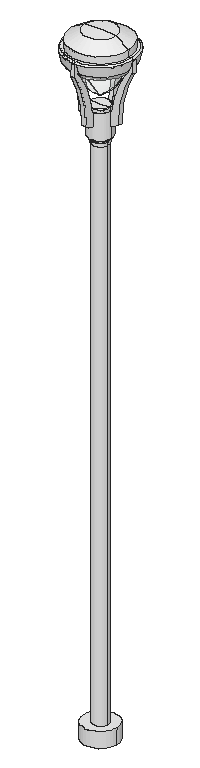
Revit family "SRS1", category Lighting Fixtures, host Face, Revit 2013
Parameters (values of type "Solitaire SRS1")
  Wattage Comments = ""
  Wattage = 9.2903 W
  built-in parameter 1150110 = 1 (stored number, unit not read)
  Voltage = 120 V
  URL = "www.kimlighting.com/"
  Type Comments = "Lighting Fixture"  # constant formula
  built-in parameter 1114217 = 1 (stored number, unit not read)
  Tilt Angle = 90.00°
  built-in parameter 1150109 = 1 (stored number, unit not read)
  built-in parameter 1150134 = 3
  built-in parameter 1150113 = 1 (stored number, unit not read)
  Series = "Solitaire"  # constant formula
  Revision Date = "11/02/2017"  # constant formula
  Product Page URL = "http://www.kimlighting.com/products/solitaire"
  Product Documentation Link = "http://www.kimlighting.com/content/products/specs/specs_files/kl_srseled_spec.pdf"
  Power Factor = 1
  Pole Visible = yes
  Pole Material = Metal-Kim Lighting-Aluminum Alloy
  Photometric Web Link = "http://www.kimlighting.com/products/solitaire"
  Photometric Web File = "srs1-2e35-60l3k.ies"
  Photometric Notes = "More IES files download on Photometric Web Link"  # constant formula
  OmniClass Title = "Street and Roadway Lighting"  # constant formula
  OmniClass Number = "23-80 70 14 21"  # constant formula
  Number of Poles = 1
  Note Visible = yes
  Note Text = "LF"  # constant formula
  Model = "SRS1"  # constant formula
  MasterFormat Title = "Parking Lighting, Roadway Lighting, Site Lighting"  # constant formula
  Manufacturer Phone = "626-968-5666"  # constant formula
  Manufacturer Fax = "626-369-2695"  # constant formula
  Manufacturer = "KIM Lighting"  # constant formula
  built-in parameter 1150105 = 109.82 (stored number, unit not read)
  Lumens = 1380 lm
  built-in parameter 1150115 = 1 (stored number, unit not read)
  Load Classification = Lighting
  built-in parameter 1150137 = (empty or 0)
  built-in parameter 1150139 = (empty or 0)
  built-in parameter 1150112 = 1 (stored number, unit not read)
  built-in parameter 1150114 = 1 (stored number, unit not read)
  Lamp = "LED"  # constant formula
  built-in parameter 1150132 = (empty or 0)
  built-in parameter 1150102 = (empty or 0)
  built-in parameter 1150107 = 3200 (stored number, unit not read)
  built-in parameter 1150138 = (empty or 0)
  built-in parameter 1150106 = 1.0982 (stored number, unit not read)
  Housing material = Metal-Kim Lighting-Aluminum Alloy
  Glass Material = Glass-Kim Lighting-Clear
  Full Load Current = 0 A
  Finish = "All colors shall be a Super TGIC thermoset polyester powder coat paint, 2.5 mil nominal\r\nthickness"
  Emit from Circle Diameter = 1' - 0"
  Emit Shape Visible in Rendering = no
  built-in parameter 1150104 = 13.8 (stored number, unit not read)
  Dimming Lamp Color Temperature Shift = <None>
  Description = "Site/Roadway Luminare"  # constant formula
  Default Elevation = 12' - 0"
  Color Filter = 16777215
  built-in parameter 1114218 = 1 (stored number, unit not read)
  built-in parameter 1150133 = 10 (stored number, unit not read)
  Assembly Code = "D5020200"
  Arm Material = Metal-Kim Lighting-Aluminum Alloy
  Apparent Load = 0 VA
Reference planes (in)
  plane 1 "Center (Front/Back)": y = 0
  plane 2: z = 0
  plane 3 "Center (Left/Right)": x = 0
  plane 4 "Top of Cap": z = 170
  plane 5 "Bot of Cap": z = 162
  plane 6 "Bot of Lamp": z = 154
  plane 7 "Top of Base": z = 152.125
  plane 8: z = 165.5625
  plane 9: x = -2.625
  plane 10: x = 2.625
  plane 11 "Left": x = -7.6875
  plane 12 "Right": x = 7.6875
  plane 13: y = 2.625
  plane 14: y = -2.625
  plane 15 "Front": y = 7.6875
  plane 16 "Back": y = -7.6875
  plane 17: z = 162.94409
  plane 18 "Bottom": z = 144
  plane 19: z = 167.71919
  plane 20: z = 165.93286
  plane 21: x = -0.5
  plane 22: x = 0.5
  plane 23: y = 0.5
  plane 24: y = -0.5
  plane 25: z = 164.56253
  plane 26: z = 163.98716
  plane 27: z = 151.37572
  plane 28: z = 144.87572
Forms (in)
  Revolve 1, solid, material "Metal-Kim Lighting-Aluminum Alloy" <- "Housing material", detail levels medium+fine
    sketch origin (0, 0, 16) x (1, 0, 0) y (0, 0, 1)
      loop
        line (-7.37077, 146) -> (-4.83258, 146) -> (-4.83258, 149.5625) -> (0, 149.5625) -> (0, 154)
        arc (0, 154) -> (-2.08268, 153.91967) -> (-4.16044, 153.75554) r 51.75171
        line (-4.16044, 153.75554) -> (-7.6875, 151.71919) -> (-7.6875, 149.93286) -> (-8.41439, 149.93286) -> (-8.78475, 149.5625) -> (-8.13527, 146.94409) -> (-7.37077, 146)
      axis (0, 154) -> (0, 146)
    angle from 0 to 360
  Revolve 2, solid, material "Glass-Kim Lighting-Clear" <- "Glass Material", detail levels medium+fine
    sketch origin (0, 0, 16) x (1, 0, 0) y (0, 0, 1)
      loop
        arc (-6.6875, 146) -> (-4.03635, 141.42103) -> (0, 138) r 15.50623
        line (0, 138) -> (0, 138.14522)
        arc (0, 138.14522) -> (-3.94925, 141.51175) -> (-6.55419, 146) r 15.38123
        line (-6.55419, 146) -> (-6.6875, 146)
      axis (0, 146) -> (0, 138)
    angle from 0 to 360
  Extrusion 3, solid, material "Metal-Kim Lighting-Aluminum Alloy" <- "Housing material", detail levels medium+fine
    sketch origin (0, 0, 16) x (1, 0, 0) y (0, 0, 1)
      loop
        line (-2.625, 135.37572) -> (-3.44552, 135.37572)
        arc (-3.44552, 135.37572) -> (-4.7776, 140.92082) -> (-7.37077, 146) r 24.19086
        line (-7.37077, 146) -> (-7.37077, 146.94409) -> (-7.6875, 146.94409) -> (-7.6875, 149.5625) -> (-9.07885, 149.5625) -> (-9.18188, 146.61215) -> (-8.85951, 146.6009)
        arc (-8.85951, 146.6009) -> (-6.22665, 140.04988) -> (-5.37744, 133.04084) r 27.06889
        arc (-5.37744, 133.04084) -> (-4.07141, 132.3297) -> (-2.625, 131.98428) r 5.64536
        line (-2.625, 131.98428) -> (-2.625, 135.37572)
      loop
        line (2.625, 135.37572) -> (2.625, 131.98428)
        arc (2.625, 131.98428) -> (4.07141, 132.3297) -> (5.37744, 133.04084) r 5.64536
        arc (5.37744, 133.04084) -> (6.22665, 140.04988) -> (8.85951, 146.6009) r 27.06889
        line (8.85951, 146.6009) -> (9.18188, 146.61215) -> (9.07885, 149.5625) -> (7.6875, 149.5625) -> (7.6875, 146.94409) -> (7.37077, 146.94409) -> (7.37077, 146)
        arc (7.37077, 146) -> (4.7776, 140.92082) -> (3.44552, 135.37572) r 24.19086
        line (3.44552, 135.37572) -> (2.625, 135.37572)
    from -0.5 to 0.5
  Extrusion 4, solid, material "Metal-Kim Lighting-Aluminum Alloy" <- "Housing material", detail levels medium+fine
    sketch origin (0, 0, 16) x (0, 1, 0) y (0, 0, 1)
      loop
        line (2.625, 135.37572) -> (2.625, 131.84421)
        arc (2.625, 131.84421) -> (4.05982, 132.32164) -> (5.3747, 133.06845) r 7.75474
        arc (5.3747, 133.06845) -> (6.21308, 140.07084) -> (8.86727, 146.60472) r 26.52196
        line (8.86727, 146.60472) -> (9.17633, 146.61552) -> (9.07342, 149.5625) -> (7.6875, 149.5625) -> (7.6875, 146.94409) -> (7.37077, 146.94409) -> (7.37077, 146)
        arc (7.37077, 146) -> (4.74343, 140.93344) -> (3.44552, 135.37572) r 22.98298
        line (3.44552, 135.37572) -> (2.625, 135.37572)
      loop
        line (-2.625, 135.37572) -> (-3.44552, 135.37572)
        arc (-3.44552, 135.37572) -> (-4.74343, 140.93344) -> (-7.37077, 146) r 22.98298
        line (-7.37077, 146) -> (-7.37077, 146.94409) -> (-7.6875, 146.94409) -> (-7.6875, 149.5625) -> (-9.07342, 149.5625) -> (-9.17633, 146.61552) -> (-9.08077, 146.61218)
        arc (-9.08077, 146.61218) -> (-6.45527, 140.15451) -> (-5.60305, 133.2358) r 26.52196
        arc (-5.60305, 133.2358) -> (-4.18585, 132.40234) -> (-2.625, 131.88577) r 7.7689
        line (-2.625, 131.88577) -> (-2.625, 135.37572)
    from -0.5 to 0.5
  Revolve 5, solid, material "Metal-Kim Lighting-Aluminum Alloy" <- "Housing material", detail levels coarse
    sketch origin (0, 0, 16) x (1, 0, 0) y (0, 0, 1)
      loop
        line (-2.625, 128) -> (0, 128) -> (0, 136.46644)
        arc (0, 136.46644) -> (-3.99577, 141.07992) -> (-5.6875, 146.94409) r 14.20903
        line (-5.6875, 146.94409) -> (-5.6875, 149.5625) -> (-3.76827, 151.71919) -> (0, 151.71919) -> (0, 154) -> (-3.84375, 154) -> (-7.6875, 151.71919) -> (-7.6875, 146.94409)
        arc (-7.6875, 146.94409) -> (-6.1892, 141.0512) -> (-2.625, 136.125) r 16.20903
        line (-2.625, 136.125) -> (-2.625, 128)
      axis (0, 154) -> (0, 128)
    angle from 0 to 360
  Revolve 6, solid, material "Metal-Kim Lighting-Aluminum Alloy" <- "Housing material", detail levels medium+fine
    sketch origin (0, 0, 0) x (1, 0, 0) y (0, 0, 1)
      loop
        line (0, 144) -> (0, 152.125) -> (-2.42728, 152.125) -> (-2.625, 151.92728) -> (-2.625, 151.37572) -> (-3.01012, 151.37572) -> (-3.01012, 144.87572) -> (-2.625, 144.87572) -> (-2.625, 144.23081) -> (-2.39419, 144) -> (0, 144)
      axis (0, 152.125) -> (0, 144)
    angle from 0 to 360
Cuts and joins
  joined: Revolve 1, Extrusion 3, Extrusion 4, Revolve 6
Lines and regions (in)
  symbolic lines
    curve 1: arc (0.03684, 8.78468, 0) -> (-6.27294, 6.14997, 0) -> (-8.78222, -0.21072, 0) r 8.78475
    curve 2: arc (8.69287, 1.26725, 0) -> (5.7602, 6.63265, 0) -> (0.03684, 8.78468, 0) r 8.78475
    curve 3: arc (-8.78222, -0.21072, 0) -> (-6.05943, -6.36044, 0) -> (0.21497, -8.78212, 0) r 8.78475
    curve 4: arc (0.21497, -8.78212, 0) -> (6.71453, -5.66454, 0) -> (8.69287, 1.26725, 0) r 8.78475
    curve 29: line (-2.625, 0, 144) -> (2.625, 0, 144)
    curve 97: line (0, 2.625, 144) -> (0, -2.625, 144)
  symbolic lines, detail levels coarse
    curve 5: line (6.21176, -6.21176, 0) -> (-6.21176, 6.21176, 0)
    curve 6: line (-6.21176, -6.21176, 0) -> (6.21176, 6.21176, 0)
    curve 30: line (2.625, 0, 144) -> (2.625, 0, 152.125)
    curve 31: line (2.625, 0, 152.125) -> (-2.625, 0, 152.125)
    curve 32: line (-2.625, 0, 152.125) -> (-2.625, 0, 144)
    curve 33: line (2.625, 0, 152.125) -> (7.6875, 0, 152.125)
    curve 34: line (7.6875, 0, 152.125) -> (7.6875, 0, 170)
    curve 35: line (7.6875, 0, 170) -> (-7.6875, 0, 170)
    curve 36: line (-7.6875, 0, 170) -> (-7.6875, 0, 152.125)
    curve 37: line (-7.6875, 0, 152.125) -> (-2.625, 0, 152.125)
    curve 38: line (-7.6875, 0, 170) -> (7.6875, 0, 152.125)
    curve 39: line (-7.6875, 0, 152.125) -> (7.6875, 0, 170)
    curve 98: line (0, -2.625, 144) -> (0, -2.625, 152.125)
    curve 99: line (0, -2.625, 152.125) -> (0, 2.625, 152.125)
    curve 100: line (0, 2.625, 152.125) -> (0, 2.625, 144)
    curve 101: line (0, -2.625, 152.125) -> (0, -7.6875, 152.125)
    curve 102: line (0, -7.6875, 152.125) -> (0, -7.6875, 170)
    curve 103: line (0, -7.6875, 170) -> (0, 7.6875, 170)
    curve 104: line (0, 7.6875, 170) -> (0, 7.6875, 152.125)
    curve 105: line (0, 7.6875, 152.125) -> (0, 2.625, 152.125)
    curve 106: line (0, 7.6875, 170) -> (0, -7.6875, 152.125)
    curve 107: line (0, 7.6875, 152.125) -> (0, -7.6875, 170)
  symbolic lines, detail levels medium+fine
    curve 7: arc (-7.6875, 0, 0) -> (0, 7.6875, 0) -> (7.6875, 0, 0) r 7.6875
    curve 8: arc (7.6875, 0, 0) -> (0, -7.6875, 0) -> (-7.6875, 0, 0) r 7.6875
    curve 9: arc (3.84375, 0, 0) -> (0, 3.84375, 0) -> (-3.84375, 0, 0) r 3.84375
    curve 10: arc (-3.84375, 0, 0) -> (0, -3.84375, 0) -> (3.84375, 0, 0) r 3.84375
    curve 40: line (-2.625, 0, 144) -> (-2.625, 0, 151.37572)
    curve 41: line (-2.625, 0, 151.37572) -> (-3.44552, 0, 151.37572)
    curve 42: line (-2.625, 0, 151.37572) -> (-2.625, 0, 151.92728)
    curve 43: line (-2.625, 0, 151.92728) -> (-2.42728, 0, 152.125)
    curve 44: arc (-5.37744, 0, 149.04084) -> (-4.07141, 0, 148.3297) -> (-2.625, 0, 147.98428) r 5.64536
    curve 45: arc (-5.37744, 0, 149.04084) -> (-6.22665, 0, 156.04988) -> (-8.85951, 0, 162.6009) r 27.06889
    curve 46: line (-9.18188, 0, 162.61215) -> (-8.85951, 0, 162.6009)
    curve 47: line (-9.07885, 0, 165.5625) -> (-9.18188, 0, 162.61215)
    curve 48: line (-8.77051, 0, 165.5625) -> (-9.07885, 0, 165.5625)
    curve 49: line (-8.77051, 0, 165.5625) -> (-8.40015, 0, 165.93286)
    curve 50: line (-8.40015, 0, 165.93286) -> (-7.6875, 0, 165.93286)
    curve 51: line (-7.6875, 0, 167.71919) -> (-7.6875, 0, 165.93286)
    curve 52: line (-7.6875, 0, 167.71919) -> (-4.16044, 0, 169.75554)
    curve 53: arc (-4.16044, 0, 169.75554) -> (-2.08269, 0, 169.91984) -> (0, 0, 170) r 51.5414
    curve 54: arc (-3.44552, 0, 151.37572) -> (-4.7776, 0, 156.92082) -> (-7.37077, 0, 162) r 24.19086
    curve 55: line (-7.37077, 0, 162) -> (-0.5, 0, 162)
    curve 56: line (-8.77051, 0, 165.5625) -> (-8.11989, 0, 162.94409)
    curve 57: line (-8.11989, 0, 162.94409) -> (-7.33225, 0, 161.97346)
    curve 58: line (2.625, 0, 144) -> (2.625, 0, 151.37572)
    curve 59: line (2.625, 0, 151.37572) -> (3.44552, 0, 151.37572)
    curve 60: line (2.625, 0, 151.37572) -> (2.625, 0, 151.92728)
    curve 61: line (2.625, 0, 151.92728) -> (2.42728, 0, 152.125)
    curve 62: arc (5.37744, 0, 149.04084) -> (4.07141, 0, 148.3297) -> (2.625, 0, 147.98428) r 5.64536
    curve 63: arc (5.37744, 0, 149.04084) -> (6.22665, 0, 156.04988) -> (8.85951, 0, 162.6009) r 27.06889
    curve 64: line (9.18188, 0, 162.61215) -> (8.85951, 0, 162.6009)
    curve 65: line (9.07885, 0, 165.5625) -> (9.18188, 0, 162.61215)
    curve 66: line (8.77051, 0, 165.5625) -> (9.07885, 0, 165.5625)
    curve 67: line (8.77051, 0, 165.5625) -> (8.40015, 0, 165.93286)
    curve 68: line (8.40015, 0, 165.93286) -> (7.6875, 0, 165.93286)
    curve 69: line (7.6875, 0, 167.71919) -> (7.6875, 0, 165.93286)
    curve 70: line (7.6875, 0, 167.71919) -> (4.16044, 0, 169.75554)
    curve 71: arc (4.16044, 0, 169.75554) -> (2.08269, 0, 169.91984) -> (0, 0, 170) r 51.5414
    curve 72: arc (3.44552, 0, 151.37572) -> (4.7776, 0, 156.92082) -> (7.37077, 0, 162) r 24.19086
    curve 73: line (7.37077, 0, 162) -> (0.5, 0, 162)
    curve 74: line (8.77051, 0, 165.5625) -> (8.11989, 0, 162.94409)
    curve 75: line (8.11989, 0, 162.94409) -> (7.33225, 0, 161.97346)
    curve 76: line (-0.5, 0, 147.93055) -> (0.5, 0, 147.93055)
    curve 77: line (0.5, 0, 147.93055) -> (0.5, 0, 165.5625)
    curve 78: line (0.5, 0, 165.5625) -> (-0.5, 0, 165.5625)
    curve 79: line (-0.5, 0, 165.5625) -> (-0.5, 0, 147.93055)
    curve 80: line (-0.5, 0, 162.61552) -> (0.5, 0, 162.61552)
    curve 81: line (-2.42728, 0, 152.125) -> (-0.5, 0, 152.125)
    curve 82: line (0.5, 0, 152.125) -> (2.42728, 0, 152.125)
    curve 83: arc (-6.6875, 0, 162) -> (-4.12776, 0, 157.58698) -> (-0.5, 0, 154) r 19.27661
    curve 84: arc (6.6875, 0, 162) -> (4.12776, 0, 157.58698) -> (0.5, 0, 154) r 19.27661
    curve 108: line (0, 2.625, 144) -> (0, 2.625, 151.92728)
    curve 109: line (0, 2.625, 151.92728) -> (0, 2.42728, 152.125)
    curve 110: line (0, 2.42728, 152.125) -> (0, 0.5, 152.125)
    curve 111: line (0, 2.625, 151.37572) -> (0, 3.44552, 151.37572)
    curve 112: arc (0, 7.37077, 162) -> (0, 4.74343, 156.93344) -> (0, 3.44552, 151.37572) r 22.98298
    curve 113: arc (0, 2.625, 147.84421) -> (0, 4.05982, 148.32164) -> (0, 5.3747, 149.06845) r 7.75474
    curve 114: arc (0, 5.3747, 149.06845) -> (0, 6.21308, 156.07084) -> (0, 8.86727, 162.60472) r 26.52196
    curve 115: line (0, 8.86727, 162.60472) -> (0, 9.17633, 162.61552)
    curve 116: line (0, 9.17633, 162.61552) -> (0, 9.07342, 165.5625)
    curve 117: line (0, 9.07342, 165.5625) -> (0, 8.77051, 165.5625)
    curve 118: line (0, 8.77051, 165.5625) -> (0, 8.40015, 165.93286)
    curve 119: line (0, 8.40015, 165.93286) -> (0, 7.6875, 165.93286)
    curve 120: line (0, 7.6875, 165.93286) -> (0, 7.6875, 167.71919)
    curve 121: line (0, 7.6875, 167.71919) -> (0, 4.16044, 169.75554)
    curve 122: arc (0, 4.16044, 169.75554) -> (0, 2.08303, 169.92568) -> (0, 0, 170) r 45.26154
    curve 123: line (0, 7.37077, 162) -> (0, 0.5, 162)
    curve 124: line (0, 0.5, 165.5625) -> (0, -0.5, 165.5625)
    curve 125: line (0, -0.5, 165.5625) -> (0, -0.5, 148.03021)
    curve 126: line (0, -0.5, 148.03021) -> (0, 0.5, 148.03021)
    curve 127: line (0, 0.5, 148.03021) -> (0, 0.5, 165.5625)
    curve 128: line (0, 0.5, 162.61215) -> (0, -0.5, 162.61215)
    curve 129: line (0, 7.37077, 162) -> (0, 8.1124, 162.91394)
    curve 130: line (0, 8.1124, 162.91394) -> (0, 8.77051, 165.5625)
    curve 131: line (0, -2.625, 144) -> (0, -2.625, 151.92728)
    curve 132: line (0, -2.625, 151.92728) -> (0, -2.42728, 152.125)
    curve 133: line (0, -2.42728, 152.125) -> (0, -0.5, 152.125)
    curve 134: line (0, -2.625, 151.37572) -> (0, -3.43137, 151.37572)
    curve 135: arc (0, -7.35307, 161.99911) -> (0, -4.72811, 156.93258) -> (0, -3.43137, 151.37572) r 22.99705
    curve 136: arc (0, -2.625, 147.88577) -> (0, -4.18585, 148.40234) -> (0, -5.60305, 149.2358) r 7.7689
    curve 137: arc (0, -5.60305, 149.2358) -> (0, -6.45527, 156.15451) -> (0, -9.08077, 162.61218) r 26.52196
    curve 138: line (0, -9.08077, 162.61218) -> (0, -9.17633, 162.61552)
    curve 139: line (0, -9.17633, 162.61552) -> (0, -9.07342, 165.5625)
    curve 140: line (0, -9.07342, 165.5625) -> (0, -8.77051, 165.5625)
    curve 141: line (0, -8.77051, 165.5625) -> (0, -8.40015, 165.93286)
    curve 142: line (0, -8.40015, 165.93286) -> (0, -7.6875, 165.93286)
    curve 143: line (0, -7.6875, 165.93286) -> (0, -7.6875, 167.71919)
    curve 144: line (0, -7.6875, 167.71919) -> (0, -4.16044, 169.75554)
    curve 145: arc (0, -4.16044, 169.75554) -> (0, -2.08303, 169.92568) -> (0, 0, 170) r 45.26154
    curve 146: line (0, -7.35307, 161.99911) -> (0, -0.5, 161.99911)
    curve 147: line (0, -7.35307, 161.99911) -> (0, -8.11989, 162.94409)
    curve 148: line (0, -8.11989, 162.94409) -> (0, -8.76563, 165.54286)
    curve 162: arc (0, 0.5, 154) -> (0, 4.16955, 157.55432) -> (0, 6.68644, 162) r 17.91134
    curve 163: arc (0, -0.5, 154) -> (0, -4.16926, 157.55394) -> (0, -6.6861, 161.99911) r 17.91134
  symbolic lines, detail levels fine
    curve 11: arc (8.41439, 0, 0) -> (0, 8.41439, 0) -> (-8.41439, 0, 0) r 8.41439
    curve 12: arc (-8.41439, 0, 0) -> (0, -8.41439, 0) -> (8.41439, 0, 0) r 8.41439
    curve 13: line (-0.5, 8.77051, 0) -> (-0.5, 9.17633, 0)
    curve 14: line (-0.5, 9.17633, 0) -> (0.5, 9.17633, 0)
    curve 15: line (0.5, 9.17633, 0) -> (0.5, 8.77051, 0)
    curve 16: line (0.5, 9.07342, 0) -> (-0.5, 9.07342, 0)
    curve 17: line (8.77051, -0.5, 0) -> (9.18188, -0.5, 0)
    curve 18: line (9.18188, -0.5, 0) -> (9.18188, 0.5, 0)
    curve 19: line (9.18188, 0.5, 0) -> (8.77051, 0.5, 0)
    curve 20: line (9.07885, 0.5, 0) -> (9.07885, -0.5, 0)
    curve 21: line (-0.5, -8.77051, 0) -> (-0.5, -9.17633, 0)
    curve 22: line (-0.5, -9.17633, 0) -> (0.5, -9.17633, 0)
    curve 23: line (0.5, -9.17633, 0) -> (0.5, -8.77051, 0)
    curve 24: line (0.5, -9.07342, 0) -> (-0.5, -9.07342, 0)
    curve 25: line (-8.77051, 0.5, 0) -> (-9.18188, 0.5, 0)
    curve 26: line (-9.18188, 0.5, 0) -> (-9.18188, -0.5, 0)
    curve 27: line (-9.18188, -0.5, 0) -> (-8.77051, -0.5, 0)
    curve 28: line (-9.07885, -0.5, 0) -> (-9.07885, 0.5, 0)
    curve 85: line (-2.625, 0, 144.23081) -> (2.625, 0, 144.23081)
    curve 86: line (-2.625, 0, 144.87572) -> (2.625, 0, 144.87572)
    curve 87: line (-2.625, 0, 151.37572) -> (-0.5, 0, 151.37572)
    curve 88: line (0.5, 0, 151.37572) -> (2.625, 0, 151.37572)
    curve 89: line (2.625, 0, 151.92728) -> (0.5, 0, 151.92728)
    curve 90: line (-2.625, 0, 151.92728) -> (-0.5, 0, 151.92728)
    curve 91: line (-4.16044, 0, 169.75554) -> (4.16044, 0, 169.75554)
    curve 92: line (-7.6875, 0, 167.71919) -> (7.6875, 0, 167.71919)
    curve 93: line (-7.6875, 0, 165.93286) -> (7.6875, 0, 165.93286)
    curve 94: line (-8.77051, 0, 165.5625) -> (8.77051, 0, 165.5625)
    curve 95: line (-8.11989, 0, 162.94409) -> (-0.5, 0, 162.94409)
    curve 96: line (0.5, 0, 162.94409) -> (8.11989, 0, 162.94409)
    curve 149: line (0, 2.625, 144.23081) -> (0, -2.625, 144.23081)
    curve 150: line (0, 2.625, 144.87572) -> (0, -2.625, 144.87572)
    curve 151: line (0, 2.625, 151.37572) -> (0, 0.5, 151.37572)
    curve 152: line (0, -0.5, 151.37572) -> (0, -2.625, 151.37572)
    curve 153: line (0, 2.625, 151.92728) -> (0, 0.5, 151.92728)
    curve 154: line (0, -0.5, 151.92728) -> (0, -2.625, 151.92728)
    curve 155: line (0, 8.1124, 162.91394) -> (0, 0.5, 162.91394)
    curve 156: line (0, -8.11989, 162.94409) -> (0, -0.5, 162.94409)
    curve 157: line (0, 8.77051, 165.5625) -> (0, 0.5, 165.5625)
    curve 158: line (0, -0.5, 165.5625) -> (0, -8.77051, 165.5625)
    curve 159: line (0, 7.6875, 165.93286) -> (0, -7.6875, 165.93286)
    curve 160: line (0, 7.6875, 167.71919) -> (0, -7.6875, 167.71919)
    curve 161: line (0, 4.16044, 169.75554) -> (0, -4.16044, 169.75554)
Dimensions and locks (in)
  equal spacing: plane 9, plane 3 "Center (Left/Right)", plane 10
  locked: plane 9 to plane 10 at 5.25
  equal spacing: plane 11 "Left", plane 3 "Center (Left/Right)", plane 12 "Right"
  locked: plane 11 "Left" to plane 12 "Right" at 15.375
  equal spacing: plane 13, plane 1 "Center (Front/Back)", plane 14
  locked: plane 13 to plane 14 at 5.25
  equal spacing: plane 15 "Front", plane 1 "Center (Front/Back)", plane 16 "Back"
  locked: plane 15 "Front" to plane 16 "Back" at 15.375
  locked: plane 4 "Top of Cap" to plane 18 "Bottom" at 26
  locked: plane 8 to plane 18 "Bottom" at 21.5625
  locked: plane 5 "Bot of Cap" to plane 18 "Bottom" at 18
  locked: plane 6 "Bot of Lamp" to plane 18 "Bottom" at 10
  locked: plane 7 "Top of Base" to plane 18 "Bottom" at 8.125
  "Default Elevation": plane 18 "Bottom" to plane 2
  locked: plane 20 to plane 18 "Bottom" at 21.93286
  locked: plane 19 to plane 18 "Bottom" at 23.71919
  locked: plane 17 to plane 18 "Bottom" at 18.94409
  equal spacing: plane 21, plane 3 "Center (Left/Right)", plane 22
  locked: plane 21 to plane 22 at 1
  equal spacing: plane 23, plane 1 "Center (Front/Back)", plane 24
  locked: plane 23 to plane 24 at 1
  locked: plane 26 to plane 18 "Bottom" at 19.98716
  locked: plane 25 to plane 18 "Bottom" at 20.56253
  locked: plane 28 to plane 18 "Bottom" at 0.87572
  locked: plane 27 to plane 18 "Bottom" at 7.37572
  aligned and locked: plane 2 to host face
  aligned and locked: Revolve 1 sketch curve to plane 11 "Left"
  aligned and locked: Revolve 1 sketch curve to plane 3 "Center (Left/Right)"
  aligned and locked: plane 4 "Top of Cap" to Revolve 1 sketch curve
  aligned and locked: plane 3 "Center (Left/Right)" to Revolve 2 sketch curve  (x2)
  aligned and locked: Revolve 2 sketch curve to plane 3 "Center (Left/Right)"
  aligned and locked: Extrusion 3 sketch curve to plane 9
  aligned and locked: Extrusion 3 sketch curve to plane 11 "Left"
  aligned and locked: plane 8 to Extrusion 3 sketch curve
  aligned and locked: Extrusion 4 sketch curve to plane 15 "Front"
  aligned and locked: Revolve 5 sketch curve to plane 3 "Center (Left/Right)"
  aligned and locked: plane 3 "Center (Left/Right)" to Revolve 5 sketch curve
  aligned and locked: Revolve 5 sketch curve to plane 9
  aligned and locked: Revolve 5 sketch curve to plane 11 "Left"
  aligned and locked: curve 1 to cut or joined group of Revolve 1, Extrusion 3, Extrusion 4, Revolve 6
  aligned and locked: curve 2 to cut or joined group of Revolve 1, Extrusion 3, Extrusion 4, Revolve 6
  aligned and locked: curve 3 to cut or joined group of Revolve 1, Extrusion 3, Extrusion 4, Revolve 6
  aligned and locked: curve 4 to cut or joined group of Revolve 1, Extrusion 3, Extrusion 4, Revolve 6
  aligned and locked: curve 7 to Revolve 5
  aligned and locked: curve 11 to cut or joined group of Revolve 1, Extrusion 3, Extrusion 4, Revolve 6
  aligned and locked: plane 17 to Revolve 5 sketch curve  (x2)
  aligned and locked: Revolve 5 sketch curve to plane 19
  aligned and locked: plane 19 to Revolve 1 sketch curve
  aligned and locked: plane 20 to Revolve 1 sketch curve
  aligned and locked: Revolve 1 sketch curve to plane 20
  aligned and locked: plane 8 to Revolve 1 sketch curve  (x2)
  aligned and locked: plane 17 to Revolve 1 sketch curve
  aligned and locked: plane 5 "Bot of Cap" to Revolve 1 sketch curve  (x2)
  aligned and locked: Revolve 5 to Revolve 1 sketch curve
  aligned and locked: plane 5 "Bot of Cap" to Revolve 2 sketch curve  (x2)
  aligned and locked: plane 6 "Bot of Lamp" to Revolve 2 sketch curve
  aligned and locked: Extrusion 4 sketch curve to plane 8
  aligned and locked: plane 8 to Extrusion 4 sketch curve  (x2)
  aligned and locked: plane 23 to cut or joined group of Revolve 1, Extrusion 3, Extrusion 4, Revolve 6
  aligned and locked: cut or joined group of Revolve 1, Extrusion 3, Extrusion 4, Revolve 6 to plane 24
  aligned and locked: plane 4 "Top of Cap" to Revolve 5 sketch curve
  aligned and locked: Revolve 5 sketch curve to Revolve 5 sketch curve
  aligned and locked: Revolve 5 sketch curve to plane 18 "Bottom"
  aligned and locked: plane 14 to Extrusion 4 sketch curve  (x2)
  aligned and locked: plane 13 to Extrusion 4 sketch curve  (x2)
  aligned and locked: Extrusion 4 sketch curve to plane 17
  aligned and locked: Extrusion 4 sketch curve to Extrusion 4 sketch curve
  aligned and locked: plane 16 "Back" to Extrusion 4 sketch curve  (x2)
  aligned and locked: plane 17 to Extrusion 4 sketch curve
  aligned and locked: Revolve 6 sketch curve to plane 3 "Center (Left/Right)"
  aligned and locked: plane 18 "Bottom" to Revolve 6 sketch curve
  aligned and locked: Revolve 6 sketch curve to plane 7 "Top of Base"
  aligned and locked: Revolve 6 sketch curve to plane 9  (x2)
  aligned and locked: plane 28 to Revolve 6 sketch curve
  aligned and locked: Revolve 6 sketch curve to plane 27
  aligned and locked: curve 34 to plane 12 "Right"
  aligned and locked: plane 4 "Top of Cap" to curve 35
  aligned and locked: plane 11 "Left" to curve 36
  aligned and locked: curve 37 to plane 7 "Top of Base"
  aligned and locked: cut or joined group of Revolve 1, Extrusion 3, Extrusion 4, Revolve 6 to plane 7 "Top of Base"  (x2)
  aligned and locked: curve 33 to plane 7 "Top of Base"
  aligned and locked: plane 9 to curve 32
  aligned and locked: curve 30 to plane 10
  aligned and locked: Revolve 5 to nested 2
  aligned and locked: curve 40 to plane 9
  aligned and locked: curve 42 to plane 9
  aligned and locked: curve 60 to plane 10
  aligned and locked: curve 82 to plane 7 "Top of Base"
  aligned and locked: curve 81 to plane 7 "Top of Base"
  aligned and locked: plane 21 to cut or joined group of Revolve 1, Extrusion 3, Extrusion 4, Revolve 6
  aligned and locked: cut or joined group of Revolve 1, Extrusion 3, Extrusion 4, Revolve 6 to plane 22
  aligned and locked: plane 8 to cut or joined group of Revolve 1, Extrusion 3, Extrusion 4, Revolve 6  (x4)
  aligned and locked: curve 44 to cut or joined group of Revolve 1, Extrusion 3, Extrusion 4, Revolve 6
  aligned and locked: curve 45 to cut or joined group of Revolve 1, Extrusion 3, Extrusion 4, Revolve 6
  aligned and locked: curve 54 to cut or joined group of Revolve 1, Extrusion 3, Extrusion 4, Revolve 6
  aligned and locked: curve 47 to cut or joined group of Revolve 1, Extrusion 3, Extrusion 4, Revolve 6
  aligned and locked: curve 46 to cut or joined group of Revolve 1, Extrusion 3, Extrusion 4, Revolve 6
  aligned and locked: plane 11 "Left" to curve 51
  aligned and locked: curve 50 to plane 20
  aligned and locked: curve 53 to cut or joined group of Revolve 1, Extrusion 3, Extrusion 4, Revolve 6
  aligned and locked: curve 62 to cut or joined group of Revolve 1, Extrusion 3, Extrusion 4, Revolve 6
  aligned and locked: curve 63 to cut or joined group of Revolve 1, Extrusion 3, Extrusion 4, Revolve 6
  aligned and locked: curve 59 to plane 27
  aligned and locked: curve 72 to cut or joined group of Revolve 1, Extrusion 3, Extrusion 4, Revolve 6
  aligned and locked: curve 64 to cut or joined group of Revolve 1, Extrusion 3, Extrusion 4, Revolve 6
  aligned and locked: curve 65 to cut or joined group of Revolve 1, Extrusion 3, Extrusion 4, Revolve 6
  aligned and locked: cut or joined group of Revolve 1, Extrusion 3, Extrusion 4, Revolve 6 to curve 75
  aligned and locked: cut or joined group of Revolve 1, Extrusion 3, Extrusion 4, Revolve 6 to cut or joined group of Revolve 1, Extrusion 3, Extrusion 4, Revolve 6  (x2)
  aligned and locked: cut or joined group of Revolve 1, Extrusion 3, Extrusion 4, Revolve 6 to curve 74
  aligned and locked: plane 20 to curve 68
  aligned and locked: plane 12 "Right" to curve 69
  aligned and locked: plane 19 to curve 70
  aligned and locked: cut or joined group of Revolve 1, Extrusion 3, Extrusion 4, Revolve 6 to curve 70
  aligned and locked: plane 4 "Top of Cap" to curve 53
  aligned and locked: plane 6 "Bot of Lamp" to curve 83
  aligned and locked: plane 6 "Bot of Lamp" to curve 84
  aligned and locked: curve 92 to plane 19
  aligned and locked: curve 93 to plane 20
  aligned and locked: curve 94 to plane 8
  aligned and locked: plane 17 to curve 95
  aligned and locked: plane 17 to curve 96
  aligned and locked: curve 87 to plane 27
  aligned and locked: curve 88 to plane 27
  aligned and locked: cut or joined group of Revolve 1, Extrusion 3, Extrusion 4, Revolve 6 to plane 28
  aligned and locked: cut or joined group of Revolve 1, Extrusion 3, Extrusion 4, Revolve 6 to curve 85
  aligned and locked: curve 90 to cut or joined group of Revolve 1, Extrusion 3, Extrusion 4, Revolve 6
  aligned and locked: curve 89 to cut or joined group of Revolve 1, Extrusion 3, Extrusion 4, Revolve 6
  aligned and locked: curve 97 to plane 18 "Bottom"
  aligned and locked: curve 98 to plane 14
  aligned and locked: plane 13 to curve 100
  aligned and locked: plane 7 "Top of Base" to curve 99
  aligned and locked: curve 105 to plane 7 "Top of Base"
  aligned and locked: plane 15 "Front" to curve 104
  aligned and locked: curve 102 to plane 16 "Back"
  aligned and locked: plane 4 "Top of Cap" to curve 103
  aligned and locked: curve 108 to plane 13
  aligned and locked: plane 7 "Top of Base" to curve 133
  aligned and locked: plane 7 "Top of Base" to curve 109
  aligned and locked: plane 13 to curve 109
  aligned and locked: plane 14 to curve 132
  aligned and locked: plane 24 to curve 125
  aligned and locked: plane 23 to curve 126
  aligned and locked: plane 24 to curve 126
  aligned and locked: curve 128 to cut or joined group of Revolve 1, Extrusion 3, Extrusion 4, Revolve 6
  aligned and locked: curve 124 to plane 8
  aligned and locked: cut or joined group of Revolve 1, Extrusion 3, Extrusion 4, Revolve 6 to plane 5 "Bot of Cap"  (x2)
  aligned and locked: plane 27 to curve 111
  aligned and locked: curve 112 to cut or joined group of Revolve 1, Extrusion 3, Extrusion 4, Revolve 6
  aligned and locked: curve 113 to cut or joined group of Revolve 1, Extrusion 3, Extrusion 4, Revolve 6
  aligned and locked: curve 114 to cut or joined group of Revolve 1, Extrusion 3, Extrusion 4, Revolve 6
  aligned and locked: curve 115 to cut or joined group of Revolve 1, Extrusion 3, Extrusion 4, Revolve 6
  aligned and locked: curve 116 to cut or joined group of Revolve 1, Extrusion 3, Extrusion 4, Revolve 6
  aligned and locked: curve 130 to cut or joined group of Revolve 1, Extrusion 3, Extrusion 4, Revolve 6
  aligned and locked: cut or joined group of Revolve 1, Extrusion 3, Extrusion 4, Revolve 6 to plane 20  (x2)
  aligned and locked: plane 20 to curve 118
  aligned and locked: plane 8 to curve 118
  aligned and locked: curve 120 to plane 15 "Front"
  aligned and locked: curve 121 to cut or joined group of Revolve 1, Extrusion 3, Extrusion 4, Revolve 6
  aligned and locked: plane 4 "Top of Cap" to curve 145
  aligned and locked: cut or joined group of Revolve 1, Extrusion 3, Extrusion 4, Revolve 6 to curve 145
  aligned and locked: plane 19 to curve 144
  aligned and locked: curve 143 to plane 16 "Back"
  aligned and locked: plane 20 to curve 142
  aligned and locked: plane 8 to curve 141
  aligned and locked: plane 8 to curve 140
  aligned and locked: curve 139 to cut or joined group of Revolve 1, Extrusion 3, Extrusion 4, Revolve 6
  aligned and locked: curve 137 to cut or joined group of Revolve 1, Extrusion 3, Extrusion 4, Revolve 6
  aligned and locked: curve 138 to cut or joined group of Revolve 1, Extrusion 3, Extrusion 4, Revolve 6
  aligned and locked: curve 148 to cut or joined group of Revolve 1, Extrusion 3, Extrusion 4, Revolve 6
  aligned and locked: curve 147 to cut or joined group of Revolve 1, Extrusion 3, Extrusion 4, Revolve 6
  aligned and locked: curve 134 to plane 27
  aligned and locked: curve 136 to cut or joined group of Revolve 1, Extrusion 3, Extrusion 4, Revolve 6
  aligned and locked: curve 149 to cut or joined group of Revolve 1, Extrusion 3, Extrusion 4, Revolve 6
  aligned and locked: curve 150 to plane 28
  aligned and locked: curve 151 to plane 27
  aligned and locked: curve 152 to plane 27
  aligned and locked: curve 153 to cut or joined group of Revolve 1, Extrusion 3, Extrusion 4, Revolve 6
  aligned and locked: cut or joined group of Revolve 1, Extrusion 3, Extrusion 4, Revolve 6 to curve 154
  aligned and locked: curve 156 to plane 17
  aligned and locked: curve 158 to plane 8
  aligned and locked: curve 160 to plane 19
  aligned and locked: plane 6 "Bot of Lamp" to curve 162
  aligned and locked: plane 6 "Bot of Lamp" to curve 163
  aligned and locked: plane 5 "Bot of Cap" to curve 162
  aligned and locked: plane 3 "Center (Left/Right)" to nested 1
  aligned and locked: plane 5 "Bot of Cap" to imposter light
  aligned and locked: imposter light to plane 1 "Center (Front/Back)"
  aligned and locked: plane 3 "Center (Left/Right)" to imposter light
Automatic sketch dimensions
  host sketch curve to host sketch curve = 8' - 0"  (x2)
  Revolve 2 sketch curve to Revolve 2 sketch curve = 0' - 0"  (x2)
  Revolve 2 sketch curve to plane 11 "Left" = 0' - 1.13331"
  Revolve 2 sketch curve to Revolve 2 sketch curve = 0' - 0.13331"
  Revolve 2 sketch curve to plane 12 "Right" = 0' - 0.17311"
  Revolve 2 sketch curve to level = 0' - 8"
  plane 4 "Top of Cap" to Revolve 2 sketch curve = 6' - 4.71882"
  curve 84 to curve 71 = 4' - 3.92092"
  curve 84 to curve 71 = 0' - 11.13754"
  curve 71 to curve 73 = 0' - 8 1/64"
  curve 84 to curve 73 = 0' - 8"
  curve 84 to curve 61 = 0' - 2.68887"
  curve 61 to curve 62 = 0' - 1.523"
  curve 61 to curve 60 = 0' - 0.77493"
  curve 58 to curve 59 = 0' - 0.82052"
  curve 71 to curve 70 = 0' - 4.16761"
  curve 62 to curve 63 = 0' - 2.94826"  (x2)
  curve 73 to curve 84 = 0' - 6 3/16"
  curve 84 to curve 75 = 0' - 0.6453"
  curve 75 to curve 72 = 0' - 0.04677"  (x2)
  curve 73 to curve 69 = 0' - 3.94559"
  curve 73 to curve 75 = 0' - 1.2052"
  curve 68 to curve 68 = 0' - 0.71265"
  curve 67 to curve 66 = 0' - 0.52377"
  curve 74 to curve 63 = 0' - 0.81536"
  curve 66 to curve 66 = 0' - 0.30834"
  curve 63 to curve 65 = 0' - 0.32257"
  curve 62 to curve 72 = 1' - 10.09757"
  curve 72 to curve 63 = 0' - 5.03644"  (x2)
  curve 71 to curve 58 = 2' - 1.78057"
  curve 58 to curve 62 = 0' - 3.98428"
  curve 62 to curve 72 = 2' - 0.85042"
  curve 58 to curve 62 = 0' - 2.29792"
  curve 58 to curve 61 = 0' - 0.55156"
  curve 60 to curve 61 = 0' - 0.27962"
  curve 62 to curve 84 = 0' - 1.59911"
  curve 63 to curve 64 = 0' - 0.32257"
  curve 64 to curve 74 = 0' - 0.81536"
  curve 66 to curve 67 = 0' - 0.52377"
  curve 68 to curve 70 = 0' - 1.78633"
  curve 69 to curve 70 = 0' - 4.0727"
  curve 137 to curve 135 = 0' - 5.84432"
  curve 135 to curve 138 = 1' - 9.89829"
  curve 138 to curve 140 = 0' - 2.94878"
  curve 138 to curve 137 = 0' - 0.09562"
  curve 139 to curve 148 = 0' - 0.30841"
  curve 148 to curve 141 = 0' - 0.02023"
  curve 140 to curve 142 = 0' - 0.52377"
  curve 138 to curve 148 = 0' - 1.01659"  (x2)
  curve 141 to curve 143 = 0' - 0.71265"
  curve 148 to curve 147 = 0' - 1.21696"
  curve 147 to curve 137 = 1' - 0.88271"
  curve 143 to curve 145 = 0' - 4.0727"
  curve 137 to curve 135 = 0' - 3.04884"
  curve 137 to curve 136 = 0' - 3.26977"
  curve 134 to curve 132 = 0' - 0.97696"
  curve 131 to curve 133 = 0' - 0.27962"
  curve 132 to curve 136 = 0' - 3.65285"
  curve 136 to curve 146 = 0' - 6.53849"
  curve 132 to curve 133 = 0' - 1.92728"
  curve 145 to curve 145 = 0' - 4.16761"
  curve 131 to curve 145 = 1' - 7.52146"
  curve 145 to curve 131 = 1' - 7.52146"
  curve 131 to curve 136 = 0' - 3.88577"
  curve 136 to curve 135 = 1' - 11.70181"
  curve 136 to curve 137 = 0' - 3.26977"
  curve 135 to curve 137 = 0' - 5.84432"
  curve 136 to curve 134 = 0' - 3.48994"
  curve 134 to curve 132 = 0' - 0.55156"
  curve 131 to curve 132 = 0' - 0.27962"
  curve 137 to curve 139 = 0' - 0.09562"
  curve 148 to curve 140 = 0' - 0.02023"
  curve 140 to curve 142 = 0' - 1.14459"
  curve 142 to curve 144 = 0' - 1.78633"
  curve 143 to curve 144 = 0' - 4.0727"
  curve 1 to curve 9 = 0' - 0"  (x2)
  curve 27 to plane 24 = 0' - 0"
  curve 25 to plane 23 = 0' - 0"
  curve 14 to plane 21 = 0' - 0"
  curve 21 to plane 21 = 0' - 0"
  curve 22 to plane 22 = 0' - 0"
  curve 15 to plane 22 = 0' - 0"
  curve 17 to plane 24 = 0' - 0"
  curve 19 to plane 23 = 0' - 0"
  plane 1 "Center (Front/Back)" to curve 1 = 0' - 0.21072"
  curve 28 to curve 25 = 0' - 0.30834"
  curve 26 to curve 28 = 0' - 0.10303"
  curve 5 to plane 11 "Left" = 0' - 1.47574"
  curve 6 to plane 11 "Left" = 0' - 1.47574"
  plane 9 to curve 9 = 0' - 1 7/32"
  plane 3 "Center (Left/Right)" to curve 2 = 0' - 0.03684"
  plane 3 "Center (Left/Right)" to curve 4 = 0' - 0.21497"
  plane 12 "Right" to curve 5 = 0' - 1.47574"
  plane 12 "Right" to curve 6 = 0' - 1.47574"
  plane 23 to curve 4 = 0' - 0.76725"
  curve 17 to curve 20 = 0' - 0.30834"
  curve 20 to curve 18 = 0' - 0.10303"
  curve 24 to curve 23 = 0' - 0.30291"
  curve 22 to curve 24 = 0' - 0.10291"
  curve 15 to curve 16 = 0' - 0.30291"
  curve 16 to curve 15 = 0' - 0.10291"
  curve 145 to plane 1 "Center (Front/Back)" = 0' - 0"
  curve 135 to plane 27 = 0' - 2.40732"
  curve 137 to curve 135 = 0' - 5.8218"
  plane 19 to curve 162 = 0' - 0.7921"
  curve 162 to plane 16 "Back" = 0' - 2.31196"
  curve 139 to curve 141 = 0' - 0.30291"
  curve 148 to plane 8 = 0' - 0.01964"
  curve 140 to curve 141 = 0' - 0.37036"
  curve 146 to plane 5 "Bot of Cap" = 0' - 0.00089"
  curve 146 to curve 163 = 0' - 0.66697"
  curve 161 to plane 14 = 0' - 1.53544"
  curve 98 to curve 132 = 0' - 0.19772"
  curve 122 to plane 24 = 0' - 0.07186"
  plane 23 to curve 145 = 0' - 0.07186"
  curve 110 to plane 13 = 0' - 0.19772"
  curve 122 to curve 103 = 0' - 3.52706"
  plane 17 to curve 155 = 0' - 0.03015"
  curve 118 to curve 117 = 0' - 0.37036"
  plane 19 to curve 163 = 0' - 0.7921"
  curve 136 to curve 125 = 0' - 0.14444"
  curve 54 to plane 5 "Bot of Cap" = 0' - 0"
  curve 79 to plane 21 = 0' - 0"
  curve 53 to plane 3 "Center (Left/Right)" = 0' - 0"
  curve 71 to plane 3 "Center (Left/Right)" = 0' - 0"
  curve 30 to plane 18 "Bottom" = 0' - 0"
  curve 86 to plane 28 = 0' - 0"
  curve 77 to plane 8 = 0' - 0"
  curve 84 to plane 4 "Top of Cap" = 0' - 0.61961"
  plane 11 "Left" to curve 84 = 0' - 3.43279"
  curve 47 to curve 56 = 0' - 0.30834"
  curve 48 to curve 50 = 0' - 0.37036"
  plane 11 "Left" to curve 57 = 0' - 0.43239"
  curve 57 to plane 5 "Bot of Cap" = 0' - 0.02654"
  curve 54 to curve 57 = 0' - 0.03851"
  curve 57 to curve 83 = 0' - 0.64475"
  plane 9 to curve 53 = 0' - 1.53544"
  curve 81 to plane 9 = 0' - 0.19772"
  plane 21 to curve 71 = 0' - 0.44056"
  curve 53 to plane 22 = 0' - 0.44056"
  curve 61 to curve 30 = 0' - 0.19772"
  curve 70 to curve 34 = 0' - 3.52706"
  curve 75 to plane 5 "Bot of Cap" = 0' - 0.02654"
  curve 68 to curve 66 = 0' - 0.37036"
  curve 83 to plane 4 "Top of Cap" = 0' - 0.61961"
  curve 76 to curve 62 = 0' - 0.05373"
  plane 17 to curve 80 = 0' - 0.32857"
  plane 11 "Left" to Revolve 1 sketch curve = 0' - 0.44777"
  Revolve 1 sketch curve to Revolve 1 sketch curve = 0' - 0.72689"
  Revolve 1 sketch curve to Revolve 1 sketch curve = 0' - 0.37036"
  Revolve 1 sketch curve to plane 11 "Left" = 0' - 0.31673"
  plane 9 to Revolve 1 sketch curve = 0' - 2.20758"
  Revolve 1 sketch curve to plane 4 "Top of Cap" = 0' - 0.24446"
  plane 9 to Revolve 1 sketch curve = 0' - 1.53544"
  Revolve 1 sketch curve to plane 22 = 0' - 0.4529"
  Revolve 1 sketch curve to Revolve 1 sketch curve = 0' - 1.74293"
  Revolve 1 sketch curve to Revolve 1 sketch curve = 6' - 4.71882"
  Extrusion 3 sketch curve to plane 17 = 0' - 0"  (x2)
  Extrusion 3 sketch curve to plane 5 "Bot of Cap" = 0' - 0"  (x2)
  Extrusion 3 sketch curve to plane 27 = 0' - 0"  (x2)
  Extrusion 3 sketch curve to plane 10 = 0' - 0"
  Extrusion 3 sketch curve to plane 12 "Right" = 0' - 0"
  Extrusion 3 sketch curve to plane 8 = 0' - 0"
  plane 17 to Extrusion 3 sketch curve = 0' - 0.34319"  (x2)
  plane 11 "Left" to Extrusion 3 sketch curve = 0' - 1.17201"
  Extrusion 3 sketch curve to Extrusion 3 sketch curve = 0' - 1.39135"
  plane 17 to Extrusion 3 sketch curve = 0' - 0.33193"  (x2)
  Extrusion 3 sketch curve to plane 27 = 0' - 2.83855"  (x2)
  plane 11 "Left" to Extrusion 3 sketch curve = 1' - 7.78177"
  Extrusion 3 sketch curve to plane 27 = 0' - 2.05839"  (x2)
  Extrusion 3 sketch curve to Extrusion 3 sketch curve = 0' - 4.97564"  (x2)
  Extrusion 3 sketch curve to plane 11 "Left" = 0' - 0.31673"
  Extrusion 3 sketch curve to plane 11 "Left" = 0' - 2.31006"
  Extrusion 3 sketch curve to plane 9 = 0' - 0.57671"
  plane 10 to Extrusion 3 sketch curve = 0' - 0.57671"
  Extrusion 3 sketch curve to plane 10 = 0' - 0.82052"
  plane 12 "Right" to Extrusion 3 sketch curve = 0' - 2.31006"
  Extrusion 3 sketch curve to Extrusion 3 sketch curve = 0' - 0.31673"
  Extrusion 3 sketch curve to plane 12 "Right" = 0' - 1.17201"
  Extrusion 3 sketch curve to plane 12 "Right" = 0' - 1.39135"
  Extrusion 3 sketch curve to Extrusion 3 sketch curve = 0' - 1.05656"  (x2)
  Extrusion 4 sketch curve to plane 5 "Bot of Cap" = 0' - 0"  (x2)
  Extrusion 4 sketch curve to plane 27 = 0' - 0"  (x2)
  Extrusion 4 sketch curve to plane 16 "Back" = 0' - 1.38592"
  plane 17 to Extrusion 4 sketch curve = 0' - 0.33191"
  Extrusion 4 sketch curve to plane 16 "Back" = 0' - 1.39327"
  plane 17 to Extrusion 4 sketch curve = 0' - 0.32857"  (x2)
  Extrusion 4 sketch curve to plane 27 = 0' - 2.40732"  (x2)
  Extrusion 4 sketch curve to plane 16 "Back" = 1' - 6.61458"
  Extrusion 4 sketch curve to plane 27 = 0' - 1.89479"
  Extrusion 4 sketch curve to Extrusion 4 sketch curve = 0' - 5.8218"
  Extrusion 4 sketch curve to Extrusion 4 sketch curve = 0' - 0.31673"
  plane 16 "Back" to Extrusion 4 sketch curve = 0' - 2.08445"
  Extrusion 4 sketch curve to plane 24 = 0' - 0.47821"
  plane 23 to Extrusion 4 sketch curve = 0' - 0.40568"
  Extrusion 4 sketch curve to Extrusion 4 sketch curve = 0' - 0.82052"
  Extrusion 4 sketch curve to plane 15 "Front" = 0' - 2.3128"
  Extrusion 4 sketch curve to plane 15 "Front" = 0' - 0.31673"
  plane 17 to Extrusion 4 sketch curve = 0' - 0.33936"
  plane 15 "Front" to Extrusion 4 sketch curve = 0' - 1.17977"
  Extrusion 4 sketch curve to Extrusion 4 sketch curve = 0' - 1.38592"
  Extrusion 4 sketch curve to plane 27 = 0' - 1.93095"
  Extrusion 4 sketch curve to Extrusion 4 sketch curve = 0' - 5.59191"
  Extrusion 4 sketch curve to Extrusion 4 sketch curve = 0' - 1.35003"
  Extrusion 4 sketch curve to Extrusion 4 sketch curve = 0' - 1.22425"
  Revolve 5 sketch curve to plane 8 = 0' - 0"
  Revolve 5 sketch curve to plane 7 "Top of Base" = 0' - 0"
  Revolve 5 sketch curve to plane 19 = 0' - 0"
  Revolve 5 sketch curve to plane 11 "Left" = 0' - 2"
  plane 9 to Revolve 5 sketch curve = 0' - 1 7/32"
  plane 9 to Revolve 5 sketch curve = 0' - 1.14327"
  Revolve 5 sketch curve to plane 26 = 0' - 0.12856"
  Revolve 5 sketch curve to plane 12 "Right" = 0' - 0.80457"
  Revolve 5 sketch curve to Revolve 5 sketch curve = 0' - 0"
  Revolve 5 sketch curve to level = 0' - 8"
  Revolve 5 sketch curve to Revolve 5 sketch curve = 6' - 4.71882"
  Revolve 6 sketch curve to plane 3 "Center (Left/Right)" = 0' - 0"
  Revolve 6 sketch curve to Revolve 6 sketch curve = 0' - 0.38512"
  Revolve 6 sketch curve to plane 9 = 0' - 0.19772"
  Revolve 6 sketch curve to plane 9 = 0' - 0.23081"
  Revolve 6 sketch curve to level = 2' - 0"
  plane 18 "Bottom" to Revolve 6 sketch curve = 0' - 0.23081"
  Revolve 6 sketch curve to plane 7 "Top of Base" = 0' - 0.19772"
  plane 4 "Top of Cap" to Revolve 6 sketch curve = 9' - 3.40671"
  curve 84 to plane 22 = 0' - 0"
  curve 73 to plane 5 "Bot of Cap" = 0' - 0"
  Revolve 1 sketch curve to plane 3 "Center (Left/Right)" = 0' - 0"
Nested families (in)
  nested 1: "Notation" at (0, 11.17802, 0), visible <- "Note Visible", type "Notation"
  nested 2: "Lighting_Fixture-Kim_Lighting-Post" at (0, 0, 0), visible <- "Pole Visible", type "Lighting_Fixture-Kim_Lighting-Post"
    with Total Pole Height 12' - 0"
Connectors (in)
  electrical at (0, 0, 144), driven by "Power Factor", driven by "Apparent Load", driven by "Voltage", driven by "Number of Poles", driven by "Load Classification"
    settings: on cut or joined group of Revolve 1, Extrusion 3, Extrusion 4, Revolve 6, index 1, voltage 120 V, apparent load 0 VA, apparent load phase1 0 VA, apparent load phase2 0 VA, apparent load phase3 0 VA, power factor 1, load classification "Lighting", number of poles 1, system type 30, power factor state 1, is connector primary yes, connector utility no, sub classification motor no, connector description "Lighting Connector"
Definition of nested family "Lighting_Fixture-Kim_Lighting-Post"
  Parameters
    URL = "www.kimlighting.com"
    Total Pole Height = 16' - 0"
    Series = "Site/Roadway"  # constant formula
    Revisions Date = "1/11/10"  # constant formula
    Cap Radius = Pole Radius + 0' 0 1/8"  # 0' - 2 1/8"
    Base Radius = 0' - 4 1/2"  # constant formula
    Pole Radius = 0' - 2"  # constant formula
    OmniClass Title = "Lighting Poles and Standards"  # constant formula
    OmniClass Number = "23.60.30.24.14"  # constant formula
    Model = ""
    Material = Aluminum-KIM-Black
    MasterFormat Title = "Lighting Poles and Standards"  # constant formula
    MasterFormat Number = "26.56.13"  # constant formula
    Manufacturer = "KIM Lighting"  # constant formula
    LEED = "www.usgbc.org"
    Height of Base = 0' - 4"  # constant formula
    Description = "Lighting Post"  # constant formula
    Assembly Code = "D5020280"
    Architectural Design Manual = ""
  Reference planes (in)
    plane 1 "Center (Front/Back)": y = 0
    plane 2: z = 4
    plane 3 "Center (Left/Right)": x = 0
    plane 4 "Top": z = 192
    plane 5: y = -2
    plane 6: y = -4.5
    plane 7: x = -4.5
    plane 8: x = 4.5
    plane 9: y = 4.5
  Forms (in)
    Extrusion 1, solid, material "Aluminum-KIM-Black" <- "Material", detail levels medium+fine
      sketch origin (0, 0, 0) x (1, 0, 0) y (0, 1, 0)
        loop
          circle (0, 0) r 4.5
      from 0 to 4
    Extrusion 2, solid, material "Aluminum-KIM-Black" <- "Material"
      sketch origin (0, 0, 4) x (1, 0, 0) y (0, 1, 0)
        loop
          circle (0, 0) r 2
      from -4 to 188
    Extrusion 3, solid, material "Aluminum-KIM-Black" <- "Material", detail levels fine
      sketch origin (0, 0, 0) x (1, 0, 0) y (0, 1, 0)
        loop
          circle (0, 0) r 2.125
      from 190.99811 to 192
  Lines and regions (in)
    Masking region 1, detail levels medium+fine
      outline origin (0, 0, 0) x (1, 0, 0) y (0, 1, 0)
        loop
          circle (0, 0) r 4.5
    Masking region 2, detail levels medium+fine
      outline origin (0, 0, 0) x (1, 0, 0) y (0, 0, 1)
        loop
          line (-4.5, 0) -> (4.5, 0) -> (4.5, 4) -> (2, 4) -> (2, 192) -> (-2, 192) -> (-2, 4) -> (-4.5, 4) -> (-4.5, 0)
    Masking region 3, detail levels medium+fine
      outline origin (0, 0, 0) x (0, 1, 0) y (0, 0, 1)
        loop
          line (4.5, 0) -> (4.5, 4) -> (2, 4) -> (2, 192) -> (-2, 192) -> (-2, 4) -> (-4.5, 4) -> (-4.5, 0) -> (4.5, 0)
    Masking region 4, detail levels coarse
      outline origin (0, 0, 0) x (1, 0, 0) y (0, 0, 1)
        loop
          line (-2, 192) -> (-2, 0) -> (2, 0) -> (2, 192) -> (-2, 192)
    Masking region 5, detail levels coarse
      outline origin (0, 0, 0) x (0, 1, 0) y (0, 0, 1)
        loop
          line (2, 192) -> (-2, 192) -> (-2, 0) -> (2, 0) -> (2, 192)
    Masking region 6, detail levels fine
      outline origin (0, 0, 0) x (1, 0, 0) y (0, 0, 1)
        loop
          line (-2.125, 192) -> (-2.125, 190.99811) -> (2.125, 190.99811) -> (2.125, 192) -> (-2.125, 192)
    symbolic lines, detail levels fine
      curve 1: circle (0, 0, 0) r 2 normal (0, 0, 1)
      curve 2: circle (0, 0, 0) r 4.5 normal (0, 0, 1)
      curve 3: line (-2, 0, 4) -> (2, 0, 4)
      curve 4: line (0, 2, 4) -> (0, -2, 4)
    symbolic lines, detail levels coarse
      curve 5: line (-4.5, 4.5, 0) -> (4.5, 4.5, 0)
      curve 6: line (-4.5, -4.5, 0) -> (-4.5, 4.5, 0)
      curve 7: line (4.5, -4.5, 0) -> (-4.5, -4.5, 0)
      curve 8: line (4.5, 4.5, 0) -> (4.5, -4.5, 0)
  Dimensions and locks (in)
    "Height of Base": plane 2 to level
    "Total Pole Height": plane 4 "Top" to level
    "Pole Radius": plane 1 "Center (Front/Back)" to plane 5
    "Base Radius": plane 1 "Center (Front/Back)" to plane 6
    Masking region 2 sketch curve to Masking region 2 sketch curve to plane 3 "Center (Left/Right)" to Masking region 2 sketch curve to Masking region 2 sketch curve = 0' - 2 1/2" locked, 0' - 2" locked, 0' - 2" locked, 0' - 2 1/2" locked
    Masking region 3 sketch curve to Masking region 3 sketch curve to plane 1 "Center (Front/Back)" to Masking region 3 sketch curve to Masking region 3 sketch curve = 0' - 2 1/2" locked, 0' - 2" locked, 0' - 2" locked, 0' - 2 1/2" locked
    "Pole Radius": plane 3 "Center (Left/Right)" to Masking region 4 sketch curve
    "Pole Radius": Masking region 4 sketch curve to plane 3 "Center (Left/Right)"
    "Pole Radius": Masking region 5 sketch curve to plane 1 "Center (Front/Back)"
    "Pole Radius": plane 1 "Center (Front/Back)" to Masking region 5 sketch curve
    "Base Radius": plane 6 to plane 1 "Center (Front/Back)"
    "Base Radius": plane 1 "Center (Front/Back)" to plane 9
    "Base Radius": plane 7 to plane 3 "Center (Left/Right)"
    "Base Radius": plane 3 "Center (Left/Right)" to plane 8
    locked: plane 4 "Top" to Extrusion 3 at 1.00189
    "Cap Radius": Masking region 6 sketch curve to plane 3 "Center (Left/Right)"  (x2)
    "Base Radius": radius of Extrusion 1 sketch curve
    "Pole Radius": radius of Extrusion 2 sketch curve
    "Base Radius": radius of curve 2
    "Pole Radius": radius of curve 1
    "Base Radius": radius of Masking region 1 sketch curve
    "Cap Radius": radius of Extrusion 3 sketch curve
    aligned and locked: plane 1 "Center (Front/Back)" to Extrusion 1 sketch curve
    aligned and locked: plane 3 "Center (Left/Right)" to Extrusion 1 sketch curve
    aligned and locked: Extrusion 1 to level
    aligned and locked: plane 2 to Extrusion 1
    aligned and locked: plane 1 "Center (Front/Back)" to Extrusion 2 sketch curve
    aligned and locked: plane 3 "Center (Left/Right)" to Extrusion 2 sketch curve
    aligned and locked: plane 4 "Top" to Extrusion 2
    aligned and locked: plane 3 "Center (Left/Right)" to curve 1
    aligned and locked: plane 3 "Center (Left/Right)" to curve 2
    aligned and locked: plane 1 "Center (Front/Back)" to curve 2
    aligned and locked: plane 1 "Center (Front/Back)" to curve 1
    aligned and locked: plane 3 "Center (Left/Right)" to Masking region 1 sketch curve
    aligned and locked: plane 1 "Center (Front/Back)" to Masking region 1 sketch curve
    aligned and locked: Extrusion 2 to level
    aligned and locked: Masking region 2 sketch curve to level
    aligned and locked: plane 2 to Masking region 2 sketch curve  (x2)
    aligned and locked: plane 4 "Top" to Masking region 2 sketch curve
    aligned and locked: Masking region 2 to curve 3  (x2)
    aligned and locked: curve 3 to plane 2
    aligned and locked: plane 4 "Top" to Masking region 3 sketch curve
    aligned and locked: plane 2 to Masking region 3 sketch curve  (x2)
    aligned and locked: Masking region 3 sketch curve to level
    aligned and locked: Masking region 3 to curve 4
    aligned and locked: plane 5 to curve 4
    aligned and locked: curve 4 to plane 2
    aligned and locked: level to Masking region 4 sketch curve
    aligned and locked: Masking region 4 sketch curve to plane 4 "Top"
    aligned and locked: level to Masking region 5 sketch curve
    aligned and locked: Masking region 5 sketch curve to plane 4 "Top"
    aligned and locked: plane 7 to curve 5
    aligned and locked: plane 9 to curve 5
    aligned and locked: plane 6 to curve 8
    aligned and locked: curve 8 to plane 8
    aligned and locked: plane 4 "Top" to Extrusion 3
    aligned and locked: plane 4 "Top" to Masking region 6 sketch curve
    aligned and locked: Masking region 6 sketch curve to Extrusion 3
  Automatic sketch dimensions
    Extrusion 3 sketch curve to plane 1 "Center (Front/Back)" = 0' - 0"
    Extrusion 3 sketch curve to plane 3 "Center (Left/Right)" = 0' - 0"
Definition of nested family "Notation"
  Parameters (values of type "Notation")
    Notation = "LF"
  Reference planes (in)
    plane 1: y = 0
    plane 2: x = 0
  Text (in)
    label "Notation" at (0.02149, 0.07192, 0), shows "Notation"
